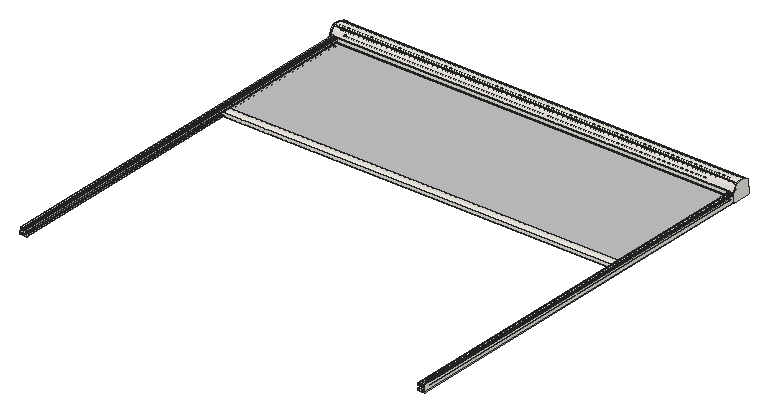
Revit family "Windows_Blinds_Nimex_Zip_130", category Specialty Equipment, host Face, Revit 2018 (continued)
Definition of nested family "Zip_130"
  Definition of nested family "Zip_130_Top"
    Forms (mm)
      Extrusion 5, solid, material <- "Metal", detail levels medium+fine
        sketch origin (0, 0, 0) x (0, 1, 0) y (0, 0, 1)
          loop
            arc (18.491, 89.864) -> (5.931, 100.226) -> (-9.718, 104.724) r 40
          loop
            arc (23.467, 79.4) -> (19.263, 83.74) -> (17.487, 89.516) r 12.941
            arc (17.487, 89.516) -> (5.506, 99.319) -> (-9.361, 103.636) r 38.66
            arc (-9.361, 103.636) -> (-13.091, 92.844) -> (-17.032, 103.561) r 6.062
            arc (-17.032, 103.561) -> (-31.81, 98.839) -> (-43.555, 88.703) r 38.787
            arc (-43.555, 88.703) -> (-45.185, 82.97) -> (-49.211, 78.575) r 12.941
            arc (-49.211, 78.575) -> (-51.708, 64.366) -> (-48.869, 50.221) r 39
            arc (-48.869, 50.221) -> (-44.738, 45.924) -> (-42.971, 40.232) r 12.941
            arc (-42.971, 40.232) -> (-12.29, 25.838) -> (18.073, 40.891) r 39
            arc (18.073, 40.891) -> (19.709, 46.707) -> (23.808, 51.147) r 12.941
            arc (23.808, 51.147) -> (26.286, 65.306) -> (23.467, 79.4) r 39
        from -245 to 245
    Lines and regions (mm)
      symbolic lines, detail levels medium+fine
        curve 1: arc (0, -18.035, 1.226) -> (0, -43.843, 11.522) -> (0, -67.31, 26.401) r 150
        curve 2: arc (0, -67.31, 26.401) -> (0, -68.36, 27.507) -> (0, -69.028, 28.877) r 5
        curve 3: arc (0, -69.028, 28.877) -> (0, -72.728, 77.897) -> (0, -54.703, 123.633) r 109.995
        curve 4: line (0, -54.703, 123.633) -> (0, -54.513, 125.801)
        curve 5: arc (0, -54.513, 125.801) -> (0, -54.618, 126.344) -> (0, -54.996, 126.748) r 1
        curve 6: arc (0, -54.996, 126.748) -> (0, -55.784, 128.716) -> (0, -54.097, 130) r 1.75
        curve 7: line (0, -54.097, 130) -> (0, 45.646, 130)
        curve 8: arc (0, 45.646, 130) -> (0, 46.707, 129.561) -> (0, 47.146, 128.5) r 1.5
        curve 9: line (0, 47.146, 128.5) -> (0, 47.146, 0)
        curve 10: arc (0, -9.471, 0) -> (0, -13.798, 0.302) -> (0, -18.035, 1.226) r 30
        curve 11: line (0, -2.699, 0) -> (0, -9.471, 0)
      symbolic lines, detail levels fine
        curve 12: arc (0, 35.996, 53.541) -> (0, -60.259, 80.302) -> (0, 33.32, 45.314) r 50
        curve 13: circle (0, -12.711, 64.836) r 41 normal (-1, 0, 0)
        curve 14: arc (0, 18.491, 89.864) -> (0, 20.11, 84.271) -> (0, 24.236, 80.162) r 11.638
        curve 15: arc (0, 24.236, 80.162) -> (0, 27.286, 65.318) -> (0, 24.595, 50.404) r 40
        curve 16: arc (0, 24.595, 50.404) -> (0, 20.569, 46.197) -> (0, 19.085, 40.567) r 11.638
        curve 17: arc (0, 19.085, 40.567) -> (0, -12.277, 24.838) -> (0, -43.973, 39.882) r 40
        curve 18: arc (0, -43.973, 39.882) -> (0, -45.586, 45.394) -> (0, -49.64, 49.464) r 11.638
        curve 19: arc (0, -49.64, 49.464) -> (0, -52.708, 64.354) -> (0, -49.999, 79.313) r 40
        curve 20: arc (0, -49.999, 79.313) -> (0, -46.045, 83.479) -> (0, -44.565, 89.029) r 11.638
        curve 21: arc (0, -44.565, 89.029) -> (0, -32.272, 99.727) -> (0, -16.732, 104.633) r 40
        curve 22: arc (0, -16.732, 104.633) -> (0, -15.8, 104.057) -> (0, -16.114, 103.008) r 0.9
        curve 23: arc (0, -16.114, 103.008) -> (0, -13.085, 93.844) -> (0, -10.293, 103.083) r 5.062
        curve 24: arc (0, -10.293, 103.083) -> (0, -10.634, 104.124) -> (0, -9.718, 104.724) r 0.9
        curve 25: arc (0, -9.718, 104.724) -> (0, 5.931, 100.226) -> (0, 18.491, 89.864) r 40
        curve 26: arc (0, 23.467, 79.4) -> (0, 19.263, 83.74) -> (0, 17.487, 89.516) r 12.941
        curve 27: arc (0, 17.487, 89.516) -> (0, 5.506, 99.319) -> (0, -9.361, 103.636) r 38.66
        curve 28: arc (0, -9.361, 103.636) -> (0, -13.091, 92.844) -> (0, -17.032, 103.561) r 6.062
        curve 29: arc (0, -17.032, 103.561) -> (0, -31.81, 98.839) -> (0, -43.555, 88.703) r 38.787
        curve 30: arc (0, -43.555, 88.703) -> (0, -45.185, 82.97) -> (0, -49.211, 78.575) r 12.941
        curve 31: arc (0, -49.211, 78.575) -> (0, -51.708, 64.366) -> (0, -48.869, 50.221) r 39
        curve 32: arc (0, -48.869, 50.221) -> (0, -44.738, 45.924) -> (0, -42.971, 40.232) r 12.941
        curve 33: arc (0, -42.971, 40.232) -> (0, -12.29, 25.838) -> (0, 18.073, 40.891) r 39
        curve 34: arc (0, 18.073, 40.891) -> (0, 19.709, 46.707) -> (0, 23.808, 51.147) r 12.941
        curve 35: arc (0, 23.808, 51.147) -> (0, 26.286, 65.306) -> (0, 23.467, 79.4) r 39
        curve 36: line (0, 20.267, -2.5) -> (0, 11.191, -2.5)
        curve 37: arc (0, 11.191, -2.5) -> (0, 10.081, -2.837) -> (0, 9.344, -3.733) r 1.999
        curve 38: arc (0, 9.344, -3.733) -> (0, 3.117, -35) -> (0, 9.344, -66.266) r 81.6
        curve 39: arc (0, 9.344, -66.266) -> (0, 10.081, -67.163) -> (0, 11.192, -67.5) r 2
        curve 40: line (0, 11.192, -67.5) -> (0, 35.042, -67.5)
        curve 41: arc (0, 35.042, -67.5) -> (0, 36.152, -67.163) -> (0, 36.889, -66.266) r 2
        curve 42: arc (0, 36.889, -66.266) -> (0, 43.117, -35) -> (0, 36.889, -3.734) r 81.6
        curve 43: arc (0, 36.889, -3.734) -> (0, 36.152, -2.837) -> (0, 35.041, -2.5) r 2.001
        curve 44: line (0, 35.041, -2.5) -> (0, 25.966, -2.5)
        curve 45: line (0, 27.267, -4.1) -> (0, 30.334, -4.1)
        curve 46: arc (0, 30.334, -4.1) -> (0, 30.788, -4.392) -> (0, 30.712, -4.926) r 0.5
        curve 47: arc (0, 30.712, -4.926) -> (0, 30.396, -5.363) -> (0, 30.159, -5.846) r 3.175
        curve 48: arc (0, 30.159, -5.846) -> (0, 30.457, -6.893) -> (0, 31.546, -6.887) r 0.9
        curve 49: arc (0, 31.546, -6.887) -> (0, 34.452, -6.165) -> (0, 32.529, -8.461) r 1.575
        curve 50: arc (0, 32.529, -8.461) -> (0, 32.046, -9.437) -> (0, 32.857, -10.164) r 0.9
        curve 51: arc (0, 32.857, -10.164) -> (0, 34.732, -9.733) -> (0, 36.014, -8.297) r 3.175
        curve 52: arc (0, 36.014, -8.297) -> (0, 36.491, -8.002) -> (0, 36.942, -8.335) r 0.5
        curve 53: arc (0, 36.942, -8.335) -> (0, 37.949, -11.376) -> (0, 38.833, -14.455) r 80
        curve 54: arc (0, 38.833, -14.455) -> (0, 38.832, -15.488) -> (0, 38.315, -16.382) r 2
        curve 55: line (0, 38.315, -16.382) -> (0, 23.824, -30.873)
        curve 56: arc (0, 23.824, -30.873) -> (0, 23.116, -31.166) -> (0, 22.409, -30.873) r 1
        curve 57: line (0, 22.409, -30.873) -> (0, 7.918, -16.382)
        curve 58: arc (0, 7.918, -16.382) -> (0, 7.401, -15.488) -> (0, 7.4, -14.455) r 2
        curve 59: arc (0, 7.4, -14.455) -> (0, 8.284, -11.376) -> (0, 9.291, -8.335) r 80
        curve 60: arc (0, 9.291, -8.335) -> (0, 9.742, -8.002) -> (0, 10.219, -8.297) r 0.5
        curve 61: arc (0, 10.219, -8.297) -> (0, 11.501, -9.733) -> (0, 13.376, -10.164) r 3.175
        curve 62: arc (0, 13.376, -10.164) -> (0, 14.187, -9.437) -> (0, 13.704, -8.461) r 0.9
        curve 63: arc (0, 13.704, -8.461) -> (0, 11.781, -6.165) -> (0, 14.687, -6.887) r 1.575
        curve 64: arc (0, 14.687, -6.887) -> (0, 15.776, -6.893) -> (0, 16.075, -5.846) r 0.9
        curve 65: arc (0, 16.075, -5.846) -> (0, 15.837, -5.363) -> (0, 15.521, -4.926) r 3.175
        curve 66: arc (0, 15.521, -4.926) -> (0, 15.445, -4.392) -> (0, 15.9, -4.1) r 0.5
        curve 67: line (0, 15.9, -4.1) -> (0, 18.967, -4.1)
        curve 68: arc (0, 18.967, -4.1) -> (0, 19.32, -4.246) -> (0, 19.467, -4.6) r 0.5
        curve 69: line (0, 19.467, -4.6) -> (0, 19.467, -6.992)
        curve 70: arc (0, 19.467, -6.992) -> (0, 23.116, -17.3) -> (0, 26.767, -6.992) r 5.8
        curve 71: line (0, 26.767, -6.992) -> (0, 26.767, -4.6)
        curve 72: arc (0, 26.767, -4.6) -> (0, 26.913, -4.246) -> (0, 27.267, -4.1) r 0.5
        curve 73: arc (0, 25.857, -7.931) -> (0, 23.116, -16) -> (0, 20.376, -7.931) r 4.5
        curve 74: arc (0, 25.466, -7.138) -> (0, 25.569, -7.58) -> (0, 25.857, -7.931) r 1
        curve 75: line (0, 25.466, -3) -> (0, 25.466, -7.138)
        curve 76: arc (0, 25.966, -2.5) -> (0, 25.613, -2.646) -> (0, 25.466, -3) r 0.5
        curve 77: line (0, 20.767, -7.138) -> (0, 20.767, -3)
        curve 78: arc (0, 20.767, -3) -> (0, 20.62, -2.647) -> (0, 20.267, -2.5) r 0.5
        curve 79: arc (0, 39.871, -18.857) -> (0, 41.487, -32.817) -> (0, 40.635, -46.844) r 80
        curve 80: arc (0, 40.635, -46.844) -> (0, 39.959, -47.646) -> (0, 38.939, -47.403) r 1
        curve 81: line (0, 38.939, -47.403) -> (0, 24.743, -33.207)
        curve 82: arc (0, 24.743, -33.207) -> (0, 24.45, -32.5) -> (0, 24.743, -31.793) r 1
        curve 83: line (0, 24.743, -31.793) -> (0, 38.183, -18.352)
        curve 84: arc (0, 38.183, -18.352) -> (0, 39.178, -18.1) -> (0, 39.871, -18.857) r 1
        curve 85: line (0, 8.05, -18.352) -> (0, 21.49, -31.793)
        curve 86: arc (0, 21.49, -31.793) -> (0, 21.783, -32.5) -> (0, 21.49, -33.207) r 1
        curve 87: line (0, 21.49, -33.207) -> (0, 7.294, -47.403)
        curve 88: arc (0, 7.294, -47.403) -> (0, 6.274, -47.646) -> (0, 5.598, -46.844) r 1
        curve 89: arc (0, 5.598, -46.844) -> (0, 4.746, -32.817) -> (0, 6.362, -18.857) r 80
        curve 90: arc (0, 6.362, -18.857) -> (0, 7.055, -18.1) -> (0, 8.05, -18.352) r 1
        curve 91: line (0, 23.824, -34.126) -> (0, 39.274, -49.577)
        curve 92: arc (0, 39.274, -49.577) -> (0, 39.777, -50.42) -> (0, 39.817, -51.401) r 2
        curve 93: arc (0, 39.817, -51.401) -> (0, 38.551, -56.581) -> (0, 36.942, -61.664) r 80
        curve 94: arc (0, 36.942, -61.664) -> (0, 36.491, -61.997) -> (0, 36.014, -61.702) r 0.5
        curve 95: arc (0, 36.014, -61.702) -> (0, 34.732, -60.267) -> (0, 32.857, -59.835) r 3.175
        curve 96: arc (0, 32.857, -59.835) -> (0, 32.046, -60.563) -> (0, 32.529, -61.538) r 0.9
        curve 97: arc (0, 32.529, -61.538) -> (0, 34.452, -63.834) -> (0, 31.546, -63.113) r 1.575
        curve 98: arc (0, 31.546, -63.113) -> (0, 30.457, -63.106) -> (0, 30.159, -64.153) r 0.9
        curve 99: arc (0, 30.159, -64.153) -> (0, 30.396, -64.637) -> (0, 30.712, -65.073) r 3.175
        curve 100: arc (0, 30.712, -65.073) -> (0, 30.788, -65.608) -> (0, 30.334, -65.9) r 0.5
        curve 101: line (0, 30.334, -65.9) -> (0, 15.9, -65.9)
        curve 102: arc (0, 15.9, -65.9) -> (0, 15.445, -65.608) -> (0, 15.521, -65.073) r 0.5
        curve 103: arc (0, 15.521, -65.073) -> (0, 15.837, -64.637) -> (0, 16.075, -64.153) r 3.175
        curve 104: arc (0, 16.075, -64.153) -> (0, 15.776, -63.106) -> (0, 14.687, -63.113) r 0.9
        curve 105: arc (0, 13.704, -61.538) -> (0, 14.187, -60.563) -> (0, 13.376, -59.835) r 0.9
        curve 106: arc (0, 13.376, -59.835) -> (0, 11.501, -60.267) -> (0, 10.219, -61.702) r 3.175
        curve 107: arc (0, 10.219, -61.702) -> (0, 9.742, -61.997) -> (0, 9.291, -61.664) r 0.5
        curve 108: arc (0, 9.291, -61.664) -> (0, 7.682, -56.581) -> (0, 6.416, -51.401) r 80
        curve 109: arc (0, 6.416, -51.401) -> (0, 6.456, -50.42) -> (0, 6.959, -49.577) r 2
        curve 110: line (0, 6.959, -49.577) -> (0, 22.409, -34.126)
        curve 111: arc (0, 22.409, -34.126) -> (0, 23.116, -33.833) -> (0, 23.824, -34.126) r 1
        curve 112: circle (0, 23.116, -53.163) r 11 normal (1, 0, 0)
        curve 113: circle (0, 23.112, -11.1) r 3 normal (-1, 0, 0)
        curve 114: line (0, 23.581, -8.137) -> (0, 35.996, 53.541)
        curve 115: line (0, 22.555, -8.169) -> (0, 33.32, 45.314)
        curve 116: circle (0, -12.711, 64.836) r 42 normal (-1, 0, 0)
        curve 117: circle (0, -12.711, 64.836) r 43 normal (-1, 0, 0)
        curve 118: circle (0, -12.711, 64.836) r 44 normal (-1, 0, 0)
        curve 119: circle (0, -12.711, 64.836) r 45 normal (-1, 0, 0)
        curve 120: circle (0, -12.711, 64.836) r 46 normal (-1, 0, 0)
        curve 121: circle (0, -12.711, 64.836) r 47 normal (-1, 0, 0)
        curve 122: circle (0, -12.711, 64.836) r 48 normal (-1, 0, 0)
        curve 123: circle (0, -12.711, 64.836) r 49 normal (-1, 0, 0)
        curve 124: arc (0, 43.646, 120.08) -> (0, 43.941, 121.376) -> (0, 44.766, 122.417) r 3
        curve 125: arc (0, 44.766, 122.417) -> (0, 45.783, 123.702) -> (0, 46.146, 125.3) r 3.7
        curve 126: line (0, 46.146, 125.3) -> (0, 46.146, 126.5)
        curve 127: arc (0, 46.146, 126.5) -> (0, 46.252, 126.947) -> (0, 46.546, 127.3) r 1
        curve 128: arc (0, 46.546, 127.3) -> (0, 46.676, 129.591) -> (0, 44.396, 129.329) r 1.5
        curve 129: arc (0, 44.396, 129.329) -> (0, 43.989, 128.977) -> (0, 43.458, 128.887) r 1
        curve 130: line (0, 43.458, 128.887) -> (0, 42.39, 129)
        curve 131: arc (0, 42.39, 129) -> (0, 41.681, 129.32) -> (0, 41.303, 130) r 1.237
        curve 132: line (0, 41.303, 130) -> (0, 40.146, 130)
        curve 133: arc (0, 40.146, 130) -> (0, 39.793, 129.854) -> (0, 39.646, 129.5) r 0.5
        curve 134: line (0, 39.646, 129.5) -> (0, 39.646, 128)
        curve 135: arc (0, 39.646, 128) -> (0, 39.207, 126.939) -> (0, 38.146, 126.5) r 1.5
        curve 136: line (0, 38.146, 126.5) -> (0, 23.646, 126.5)
        curve 137: line (0, 23.646, 126.5) -> (0, 20.146, 130)
        curve 138: line (0, -23.354, 130) -> (0, 20.146, 130)
        curve 139: line (0, -23.354, 130) -> (0, -26.854, 126.5)
        curve 140: line (0, -26.854, 126.5) -> (0, -41.354, 126.5)
        curve 141: line (0, -41.354, 126.5) -> (0, -43.972, 129.119)
        curve 142: arc (0, -43.972, 129.119) -> (0, -44.947, 129.771) -> (0, -46.096, 130) r 3
        curve 143: line (0, -46.096, 130) -> (0, -54.104, 130)
        curve 144: arc (0, -54.104, 130) -> (0, -55.791, 128.715) -> (0, -55.001, 126.747) r 1.75
        curve 145: arc (0, -55.001, 126.747) -> (0, -54.623, 126.343) -> (0, -54.517, 125.8) r 1
        curve 146: line (0, -54.517, 125.8) -> (0, -54.647, 124.352)
        curve 147: arc (0, -54.647, 124.352) -> (0, -51.901, 122.865) -> (0, -52.706, 125.882) r 1.7
        curve 148: line (0, -52.706, 125.882) -> (0, -52.543, 127.751)
        curve 149: arc (0, -52.543, 127.751) -> (0, -49.395, 125.088) -> (0, -49.924, 121) r 4.31
        curve 150: line (0, -49.924, 121) -> (0, -46.154, 121)
        curve 151: line (0, -46.154, 121) -> (0, -46.154, 123.4)
        curve 152: arc (0, -46.154, 123.4) -> (0, -47.104, 126.945) -> (0, -44.508, 124.35) r 1.9
        curve 153: line (0, -44.508, 124.35) -> (0, -43.134, 123.557)
        curve 154: line (0, -43.134, 123.557) -> (0, -42.474, 124.7)
        curve 155: line (0, -42.474, 124.7) -> (0, -27.351, 124.7)
        curve 156: arc (0, -27.351, 124.7) -> (0, -26.204, 124.928) -> (0, -25.231, 125.577) r 3
        curve 157: line (0, -25.231, 125.577) -> (0, -22.608, 128.2)
        curve 158: line (0, -22.608, 128.2) -> (0, 19.401, 128.2)
        curve 159: line (0, 19.401, 128.2) -> (0, 22.022, 125.579)
        curve 160: arc (0, 22.022, 125.579) -> (0, 22.995, 124.928) -> (0, 24.143, 124.7) r 3
        curve 161: line (0, 24.143, 124.7) -> (0, 38.649, 124.7)
        curve 162: line (0, 38.649, 124.7) -> (0, 39.428, 124.491)
        curve 163: line (0, 39.428, 124.491) -> (0, 40.611, 124.808)
        curve 164: arc (0, 40.611, 124.808) -> (0, 43.79, 126.644) -> (0, 41.955, 123.465) r 1.9
        curve 165: line (0, 41.955, 123.465) -> (0, 41.638, 122.282)
        curve 166: line (0, 41.638, 122.282) -> (0, 41.846, 121.503)
        curve 167: line (0, 41.846, 121.503) -> (0, 41.846, 106.497)
        curve 168: line (0, 43.646, 106) -> (0, 43.646, 120.08)
        curve 169: line (0, 42.725, 104.376) -> (0, 45.346, 101.754)
        curve 170: line (0, 47.146, 102.5) -> (0, 43.646, 106)
        curve 171: arc (0, 41.846, 106.497) -> (0, 42.075, 105.349) -> (0, 42.725, 104.376) r 3
        curve 172: line (0, 47.146, 38.505) -> (0, 47.146, 102.5)
        curve 173: line (0, 45.346, 101.754) -> (0, 45.346, 39.251)
        curve 174: line (0, 43.646, 35.005) -> (0, 47.146, 38.505)
        curve 175: line (0, 45.346, 39.251) -> (0, 42.725, 36.629)
        curve 176: line (0, 41.846, 34.508) -> (0, 41.846, 18.555)
        curve 177: line (0, 43.646, 19.005) -> (0, 43.646, 35.005)
        curve 178: arc (0, 42.725, 36.629) -> (0, 42.075, 35.656) -> (0, 41.846, 34.508) r 3
        curve 179: line (0, 46.267, 16.385) -> (0, 43.646, 19.005)
        curve 180: arc (0, 47.146, 14.263) -> (0, 46.918, 15.411) -> (0, 46.267, 16.385) r 3
        curve 181: line (0, 47.146, 1.5) -> (0, 47.146, 14.263)
        curve 182: arc (0, 44.866, 2.781) -> (0, 44.911, 0.192) -> (0, 47.146, 1.5) r 1.5
        curve 183: line (0, 45.346, 11.676) -> (0, 45.346, 3.635)
        curve 184: arc (0, 45.346, 3.635) -> (0, 45.218, 3.146) -> (0, 44.866, 2.781) r 1
        curve 185: arc (0, 44.569, 12.092) -> (0, 45.082, 12.117) -> (0, 45.346, 11.676) r 0.5
        curve 186: arc (0, 40.156, 12.223) -> (0, 42.34, 11.403) -> (0, 44.569, 12.092) r 3.605
        curve 187: arc (0, 41.846, 18.555) -> (0, 41.012, 18.307) -> (0, 40.261, 17.865) r 3.599
        curve 188: arc (0, 40.261, 17.865) -> (0, 39.922, 16.748) -> (0, 40.874, 16.071) r 1
        curve 189: arc (0, 40.874, 13.941) -> (0, 39.94, 13.323) -> (0, 40.156, 12.223) r 1.007
        curve 190: arc (0, 40.874, 16.071) -> (0, 44.346, 15.006) -> (0, 40.874, 13.941) r 1.899
        curve 191: line (0, -9.554, 1.8) -> (0, 17.161, 1.8)
        curve 192: arc (0, 17.161, 1.8) -> (0, 17.814, 1.539) -> (0, 18.109, 0.9) r 0.95
        curve 193: arc (0, 18.109, 0.9) -> (0, 17.814, 0.261) -> (0, 17.16, 0) r 0.95
        curve 194: line (0, 17.16, 0) -> (0, -9.554, 0)
        curve 195: arc (0, -9.554, 0) -> (0, -13.842, 0.308) -> (0, -18.042, 1.226) r 30
        curve 196: arc (0, -18.042, 1.226) -> (0, -43.85, 11.522) -> (0, -67.316, 26.401) r 150
        curve 197: arc (0, -67.316, 26.401) -> (0, -68.367, 27.507) -> (0, -69.035, 28.877) r 5
        curve 198: arc (0, -69.035, 28.877) -> (0, -72.905, 76.726) -> (0, -56.026, 121.667) r 109.995
        curve 199: arc (0, -56.026, 121.667) -> (0, -55.426, 122.195) -> (0, -54.64, 122.34) r 1.5
        curve 200: line (0, -54.64, 122.34) -> (0, -53.13, 122.208)
        curve 201: arc (0, -53.13, 122.208) -> (0, -51.054, 123.576) -> (0, -51.914, 125.908) r 2
        curve 202: arc (0, -51.914, 125.908) -> (0, -52.112, 126.735) -> (0, -51.284, 126.928) r 0.599
        curve 203: arc (0, -51.284, 126.928) -> (0, -49.876, 121.643) -> (0, -55.05, 119.869) r 4.01
        curve 204: arc (0, -55.05, 119.869) -> (0, -71.191, 75.998) -> (0, -67.32, 29.413) r 108.197
        curve 205: arc (0, -67.32, 29.413) -> (0, -66.892, 28.536) -> (0, -66.22, 27.829) r 3.2
        curve 206: arc (0, -66.22, 27.829) -> (0, -43.033, 13.126) -> (0, -17.533, 2.952) r 148.2
        curve 207: arc (0, -17.533, 2.952) -> (0, -13.585, 2.089) -> (0, -9.554, 1.8) r 28.2
        curve 208: arc (0, 14.687, -63.113) -> (0, 11.733, -63.864) -> (0, 13.704, -61.538) r 1.6
        curve 209: arc (0, 20.767, -7.138) -> (0, 20.664, -7.58) -> (0, 20.376, -7.931) r 1
    Dimensions and locks
      equal spacing: plane 4, plane 3 "Center (Left/Right)", plane 5
      "TotalWidth": plane 4 to plane 5
      locked: plane 7 to plane 5 at 5
      locked: plane 4 to plane 8 at 5
      locked: plane 11 to plane 5 at 40
      locked: plane 12 to plane 4 at 40
      aligned and locked: level to plane 2
      aligned and locked: plane 8 to Extrusion 1
      aligned and locked: Extrusion 3 to plane 8
      aligned and locked: plane 4 to Extrusion 3
      aligned and locked: plane 7 to Extrusion 2
      aligned and locked: Extrusion 2 to plane 5
      aligned and locked: Extrusion 1 to plane 7
      aligned and locked: Extrusion 4 to plane 11
      aligned and locked: Extrusion 4 to plane 12
      aligned and locked: plane 8 to Extrusion 5
      aligned and locked: Extrusion 5 to plane 7
    Automatic sketch dimensions
      level to Extrusion 2 sketch curve = 0 mm
      Extrusion 2 sketch curve to plane 6 = 1.5 mm
      plane 6 to Extrusion 2 sketch curve = 0 mm
      Extrusion 2 sketch curve to Extrusion 2 sketch curve = 0 mm  (x4)
      Extrusion 2 sketch curve to Extrusion 2 sketch curve = 1.412 mm
      Extrusion 2 sketch curve to Extrusion 2 sketch curve = 1.75 mm
      Extrusion 2 sketch curve to Extrusion 2 sketch curve = 0.996 mm
      Extrusion 2 sketch curve to plane 9 = 6.367 mm
      Extrusion 2 sketch curve to Extrusion 2 sketch curve = 0.19 mm
      Extrusion 2 sketch curve to Extrusion 2 sketch curve = 0.089 mm
      Extrusion 2 sketch curve to plane 9 = 0 mm
      plane 10 to Extrusion 2 sketch curve = 17.102 mm
      Extrusion 2 sketch curve to plane 6 = 0 mm
      Extrusion 2 sketch curve to Extrusion 2 sketch curve = 1.468 mm
      Extrusion 2 sketch curve to Extrusion 2 sketch curve = 0.032 mm
      Extrusion 2 sketch curve to Extrusion 2 sketch curve = 0.026 mm
      Extrusion 1 sketch curve to Extrusion 1 sketch curve = 0 mm  (x31)
      Extrusion 1 sketch curve to plane 9 = 0 mm  (x3)
      Extrusion 1 sketch curve to plane 6 = 0 mm
      Extrusion 1 sketch curve to plane 6 = 0.293 mm  (x2)
      Extrusion 1 sketch curve to plane 6 = 0.5 mm
      Extrusion 1 sketch curve to plane 6 = 0.879 mm
      Extrusion 1 sketch curve to Extrusion 1 sketch curve = 1 mm  (x4)
      Extrusion 1 sketch curve to plane 6 = 1 mm
      Extrusion 1 sketch curve to plane 6 = 1.5 mm  (x2)
      Extrusion 1 sketch curve to Extrusion 1 sketch curve = 0.8 mm
      Extrusion 1 sketch curve to plane 6 = 1.8 mm
      Extrusion 1 sketch curve to Extrusion 1 sketch curve = 0.293 mm  (x2)
      Extrusion 1 sketch curve to plane 6 = 2.3 mm  (x2)
      Extrusion 1 sketch curve to Extrusion 1 sketch curve = 0.5 mm  (x2)
      Extrusion 1 sketch curve to Extrusion 1 sketch curve = 0.2 mm  (x2)
      Extrusion 1 sketch curve to plane 6 = 2.501 mm
      Extrusion 1 sketch curve to Extrusion 1 sketch curve = 0.42 mm
      Extrusion 1 sketch curve to Extrusion 1 sketch curve = 1.8 mm  (x3)
      Extrusion 1 sketch curve to Extrusion 1 sketch curve = 0.707 mm  (x9)
      Extrusion 1 sketch curve to Extrusion 1 sketch curve = 0.28 mm
      Extrusion 1 sketch curve to Extrusion 1 sketch curve = 0.708 mm  (x2)
      Extrusion 1 sketch curve to Extrusion 1 sketch curve = 0.635 mm  (x2)
      Extrusion 1 sketch curve to Extrusion 1 sketch curve = 0.356 mm
      Extrusion 1 sketch curve to Extrusion 1 sketch curve = 0.427 mm
      Extrusion 1 sketch curve to Extrusion 1 sketch curve = 0.292 mm  (x2)
      Extrusion 1 sketch curve to plane 9 = 0.118 mm
      Extrusion 1 sketch curve to Extrusion 1 sketch curve = 2.083 mm
      Extrusion 1 sketch curve to plane 9 = 1.113 mm
      Extrusion 1 sketch curve to Extrusion 1 sketch curve = 0.105 mm
      Extrusion 1 sketch curve to Extrusion 1 sketch curve = 1.214 mm
      Extrusion 1 sketch curve to Extrusion 1 sketch curve = 1.213 mm
      plane 9 to Extrusion 1 sketch curve = 0.23 mm
      Extrusion 1 sketch curve to Extrusion 1 sketch curve = 1.044 mm
      Extrusion 1 sketch curve to Extrusion 1 sketch curve = 1.272 mm
      Extrusion 1 sketch curve to Extrusion 1 sketch curve = 0.9 mm
      Extrusion 1 sketch curve to plane 9 = 1 mm
      Extrusion 1 sketch curve to Extrusion 1 sketch curve = 1.069 mm
      Extrusion 1 sketch curve to Extrusion 1 sketch curve = 0.492 mm
      Extrusion 1 sketch curve to Extrusion 1 sketch curve = 0.108 mm
      Extrusion 1 sketch curve to Extrusion 1 sketch curve = 0.209 mm
      Extrusion 1 sketch curve to Extrusion 1 sketch curve = 0.978 mm
      Extrusion 1 sketch curve to Extrusion 1 sketch curve = 1.578 mm
      Extrusion 1 sketch curve to Extrusion 1 sketch curve = 1.835 mm
      Extrusion 1 sketch curve to Extrusion 1 sketch curve = 1.157 mm
      Extrusion 1 sketch curve to Extrusion 1 sketch curve = 1.183 mm  (x2)
      Extrusion 1 sketch curve to Extrusion 1 sketch curve = 0.779 mm  (x2)
      Extrusion 1 sketch curve to Extrusion 1 sketch curve = 1.5 mm
      Extrusion 1 sketch curve to plane 6 = 11.122 mm
      Extrusion 1 sketch curve to plane 1 "Center (Front/Back)" = 1.316 mm
      Extrusion 1 sketch curve to plane 1 "Center (Front/Back)" = 1.062 mm
      Extrusion 1 sketch curve to Extrusion 1 sketch curve = 0.083 mm  (x3)
      Extrusion 1 sketch curve to plane 1 "Center (Front/Back)" = 0.273 mm
      plane 1 "Center (Front/Back)" to Extrusion 1 sketch curve = 1.059 mm
      Extrusion 1 sketch curve to plane 9 = 0.293 mm
      plane 1 "Center (Front/Back)" to Extrusion 1 sketch curve = 2.642 mm
      Extrusion 1 sketch curve to Extrusion 1 sketch curve = 0.038 mm  (x2)
      level to Extrusion 1 sketch curve = 1.8 mm
      plane 1 "Center (Front/Back)" to Extrusion 1 sketch curve = 5.921 mm
      Extrusion 1 sketch curve to Extrusion 1 sketch curve = 0.001 mm
      Extrusion 1 sketch curve to level = 0 mm
      Extrusion 1 sketch curve to Extrusion 1 sketch curve = 26.714 mm
      Extrusion 1 sketch curve to plane 9 = 2.8 mm
      Extrusion 1 sketch curve to plane 9 = 2.093 mm
      Extrusion 1 sketch curve to Extrusion 1 sketch curve = 0.746 mm  (x2)
      Extrusion 1 sketch curve to plane 9 = 0.292 mm
      Extrusion 1 sketch curve to Extrusion 1 sketch curve = 0.706 mm  (x2)
      Extrusion 1 sketch curve to plane 9 = 4.423 mm
      Extrusion 1 sketch curve to Extrusion 1 sketch curve = 2.33 mm
      Extrusion 1 sketch curve to plane 9 = 3.207 mm
      Extrusion 1 sketch curve to Extrusion 1 sketch curve = 1.33 mm
      Extrusion 1 sketch curve to plane 9 = 2.5 mm
      Extrusion 1 sketch curve to Extrusion 1 sketch curve = 13.589 mm
      Extrusion 1 sketch curve to plane 9 = 3.209 mm
      Extrusion 1 sketch curve to Extrusion 1 sketch curve = 0.829 mm
      Extrusion 1 sketch curve to plane 9 = 6.443 mm
      Extrusion 1 sketch curve to Extrusion 1 sketch curve = 0.66 mm
      Extrusion 1 sketch curve to plane 9 = 0.881 mm
      Extrusion 1 sketch curve to Extrusion 1 sketch curve = 2.327 mm
      Extrusion 1 sketch curve to plane 9 = 5.65 mm
      Extrusion 1 sketch curve to Extrusion 1 sketch curve = 1.374 mm
      Extrusion 1 sketch curve to plane 9 = 2.864 mm
      Extrusion 1 sketch curve to Extrusion 1 sketch curve = 1.691 mm
      Extrusion 1 sketch curve to Extrusion 1 sketch curve = 2.124 mm
      Extrusion 1 sketch curve to Extrusion 1 sketch curve = 0.057 mm
      Extrusion 1 sketch curve to Extrusion 1 sketch curve = 1.645 mm
      Extrusion 1 sketch curve to plane 9 = 2.631 mm
      Extrusion 1 sketch curve to Extrusion 1 sketch curve = 0.436 mm
      Extrusion 1 sketch curve to Extrusion 1 sketch curve = 0.694 mm
      Extrusion 1 sketch curve to plane 9 = 3.339 mm
      Extrusion 1 sketch curve to Extrusion 1 sketch curve = 0.966 mm
      Extrusion 1 sketch curve to plane 9 = 4.205 mm
      Extrusion 1 sketch curve to Extrusion 1 sketch curve = 0.232 mm
      Extrusion 1 sketch curve to Extrusion 1 sketch curve = 3.771 mm
      Extrusion 1 sketch curve to Extrusion 1 sketch curve = 3.614 mm
      Extrusion 1 sketch curve to plane 9 = 2.249 mm
      Extrusion 1 sketch curve to Extrusion 1 sketch curve = 0.94 mm
      Extrusion 1 sketch curve to plane 9 = 4.118 mm
      Extrusion 1 sketch curve to Extrusion 1 sketch curve = 1.104 mm
      Extrusion 1 sketch curve to Extrusion 1 sketch curve = 0.248 mm
      Extrusion 1 sketch curve to plane 9 = 7.792 mm
      Extrusion 1 sketch curve to Extrusion 1 sketch curve = 0.176 mm
      Extrusion 1 sketch curve to Extrusion 1 sketch curve = 0.46 mm
      Extrusion 1 sketch curve to Extrusion 1 sketch curve = 1.561 mm
      Extrusion 1 sketch curve to plane 9 = 4.2 mm
      Extrusion 1 sketch curve to Extrusion 1 sketch curve = 1.811 mm
      Extrusion 1 sketch curve to plane 9 = 7.66 mm
      Extrusion 1 sketch curve to Extrusion 1 sketch curve = 1.511 mm
      Extrusion 1 sketch curve to plane 9 = 5.648 mm
      Extrusion 1 sketch curve to Extrusion 1 sketch curve = 0.13 mm
      Extrusion 1 sketch curve to Extrusion 1 sketch curve = 0.131 mm
      Extrusion 1 sketch curve to Extrusion 1 sketch curve = 0.996 mm
      plane 10 to Extrusion 1 sketch curve = 8.359 mm
      Extrusion 1 sketch curve to Extrusion 1 sketch curve = 0.004 mm
      plane 6 to Extrusion 1 sketch curve = 0 mm  (x2)
      level to Extrusion 1 sketch curve = 0.85 mm
      Extrusion 1 sketch curve to Extrusion 1 sketch curve = 0.1 mm
      level to Extrusion 1 sketch curve = 1.5 mm
      Extrusion 1 sketch curve to Extrusion 1 sketch curve = 2.135 mm
      Extrusion 1 sketch curve to Extrusion 1 sketch curve = 8.04 mm
      Extrusion 1 sketch curve to Extrusion 1 sketch curve = 1.258 mm
      Extrusion 1 sketch curve to Extrusion 1 sketch curve = 1.987 mm
      Extrusion 1 sketch curve to Extrusion 1 sketch curve = 0.6 mm
      Extrusion 1 sketch curve to Extrusion 1 sketch curve = 0.036 mm
      Extrusion 1 sketch curve to Extrusion 1 sketch curve = 0.743 mm  (x2)
      Extrusion 1 sketch curve to Extrusion 1 sketch curve = 2.065 mm
      Extrusion 1 sketch curve to Extrusion 1 sketch curve = 1.484 mm
      Extrusion 1 sketch curve to Extrusion 1 sketch curve = 0.16 mm
      Extrusion 1 sketch curve to Extrusion 1 sketch curve = 0.003 mm
      Extrusion 1 sketch curve to Extrusion 1 sketch curve = 15.089 mm
      Extrusion 1 sketch curve to Extrusion 1 sketch curve = 2.915 mm
      Extrusion 1 sketch curve to Extrusion 1 sketch curve = 21.79 mm
      Extrusion 1 sketch curve to Extrusion 1 sketch curve = 2.328 mm
      Extrusion 1 sketch curve to Extrusion 1 sketch curve = 0.79 mm
      Extrusion 1 sketch curve to Extrusion 1 sketch curve = 8.807 mm
      Extrusion 1 sketch curve to Extrusion 1 sketch curve = 1.494 mm
      Extrusion 1 sketch curve to Extrusion 1 sketch curve = 2.4 mm
      Extrusion 1 sketch curve to Extrusion 1 sketch curve = 1.423 mm
      Extrusion 1 sketch curve to Extrusion 1 sketch curve = 1.027 mm
      Extrusion 1 sketch curve to plane 9 = 5.3 mm
      Extrusion 1 sketch curve to Extrusion 1 sketch curve = 0.317 mm
      Extrusion 1 sketch curve to Extrusion 1 sketch curve = 0.879 mm
      Extrusion 1 sketch curve to Extrusion 1 sketch curve = 0.089 mm
      Extrusion 1 sketch curve to Extrusion 1 sketch curve = 0.538 mm
      Extrusion 1 sketch curve to Extrusion 1 sketch curve = 1.2 mm
      Extrusion 1 sketch curve to Extrusion 1 sketch curve = 0.499 mm
      Extrusion 1 sketch curve to plane 9 = 1.5 mm
      plane 9 to Extrusion 1 sketch curve = 15.097 mm
      Extrusion 1 sketch curve to Extrusion 1 sketch curve = 0.277 mm
      Extrusion 1 sketch curve to Extrusion 1 sketch curve = 0.006 mm
      Extrusion 1 sketch curve to Extrusion 1 sketch curve = 0.607 mm
      Extrusion 1 sketch curve to Extrusion 1 sketch curve = 0.318 mm
      Extrusion 1 sketch curve to Extrusion 1 sketch curve = 0.279 mm
      Extrusion 1 sketch curve to Extrusion 1 sketch curve = 1.097 mm
      Extrusion 1 sketch curve to Extrusion 1 sketch curve = 1.715 mm
      Extrusion 3 sketch curve to plane 9 = 0 mm
      Extrusion 3 sketch curve to plane 6 = 0 mm  (x2)
      level to Extrusion 3 sketch curve = 0 mm
      Extrusion 3 sketch curve to plane 6 = 1.474 mm
      Extrusion 3 sketch curve to plane 6 = 1.5 mm
      Extrusion 3 sketch curve to Extrusion 3 sketch curve = 1.5 mm
      Extrusion 3 sketch curve to plane 6 = 10.807 mm
      Extrusion 3 sketch curve to plane 1 "Center (Front/Back)" = 1.326 mm
      plane 1 "Center (Front/Back)" to Extrusion 3 sketch curve = 32.626 mm
      Extrusion 3 sketch curve to plane 9 = 1.75 mm
      plane 10 to Extrusion 3 sketch curve = 18.515 mm
      Extrusion 3 sketch curve to plane 9 = 4.199 mm
      Extrusion 3 sketch curve to Extrusion 3 sketch curve = 0.416 mm
      Extrusion 3 sketch curve to plane 9 = 6.256 mm
      Extrusion 3 sketch curve to Extrusion 3 sketch curve = 0.18 mm
      Extrusion 3 sketch curve to Extrusion 3 sketch curve = 0.996 mm
      plane 10 to Extrusion 3 sketch curve = 8.359 mm
      level to Extrusion 3 sketch curve = 1.468 mm
      Extrusion 3 sketch curve to Extrusion 3 sketch curve = 30 mm
      level to Extrusion 3 sketch curve = 30.366 mm
      Extrusion 3 sketch curve to Extrusion 3 sketch curve = 0.089 mm
      Extrusion 3 sketch curve to Extrusion 3 sketch curve = 0 mm  (x3)
      plane 9 to Extrusion 3 sketch curve = 15.097 mm
      Extrusion 2 sketch curve to plane 6 = 11.122 mm
      plane 10 to Extrusion 2 sketch curve = 3.584 mm
      level to Extrusion 2 sketch curve = 28.877 mm
      plane 1 "Center (Front/Back)" to Extrusion 2 sketch curve = 32.497 mm
      Extrusion 2 sketch curve to Extrusion 2 sketch curve = 4.776 mm
      Extrusion 2 sketch curve to Extrusion 2 sketch curve = 1.719 mm
      Extrusion 2 sketch curve to plane 1 "Center (Front/Back)" = 1.316 mm
      level to Extrusion 2 sketch curve = 1.226 mm
      Extrusion 2 sketch curve to Extrusion 2 sketch curve = 0.138 mm
      Extrusion 1 sketch curve to Extrusion 1 sketch curve = 18.74 mm
      Extrusion 3 sketch curve to Extrusion 3 sketch curve = 31.473 mm
      curve 2 to curve 5 = 95.932 mm
      curve 5 to curve 4 = 2.397 mm
      curve 5 to curve 4 = 1 mm
      curve 5 to curve 7 = 4.219 mm
      curve 2 to curve 10 = 54.706 mm
      curve 10 to curve 11 = 30 mm
      curve 6 to curve 1 = 79.939 mm
      curve 10 to curve 3 = 55.379 mm  (x2)
      curve 1 to curve 8 = 26.957 mm
      curve 8 to curve 9 = 1.5 mm
      curve 11 to curve 10 = 30 mm
      curve 10 to curve 2 = 54.706 mm
      curve 2 to curve 4 = 93.762 mm
      curve 4 to curve 4 = 2.177 mm
      curve 4 to curve 5 = 1 mm
      curve 5 to curve 6 = 2.484 mm
      curve 3 to curve 8 = 67.731 mm
      curve 7 to curve 1 = 26.061 mm
      curve 3 to curve 1 = 3.014 mm
      curve 2 to curve 1 = 0 mm  (x2)
      curve 10 to curve 11 = 6.772 mm  (x2)
      curve 11 to curve 9 = 49.845 mm
      Extrusion 5 sketch curve to Extrusion 5 sketch curve = 0 mm  (x20)
      plane 10 to Extrusion 5 sketch curve = 16.135 mm
      Extrusion 5 sketch curve to Extrusion 5 sketch curve = 0.281 mm  (x2)
      plane 10 to Extrusion 5 sketch curve = 16.737 mm
      Extrusion 5 sketch curve to Extrusion 5 sketch curve = 0.278 mm  (x2)
      plane 1 "Center (Front/Back)" to Extrusion 5 sketch curve = 39.722 mm
      Extrusion 5 sketch curve to Extrusion 5 sketch curve = 3.491 mm
      Extrusion 5 sketch curve to Extrusion 5 sketch curve = 0.297 mm
      Extrusion 5 sketch curve to Extrusion 5 sketch curve = 0.143 mm
      Extrusion 5 sketch curve to Extrusion 5 sketch curve = 0.221 mm
      Extrusion 5 sketch curve to Extrusion 5 sketch curve = 3.365 mm
      Extrusion 5 sketch curve to plane 1 "Center (Front/Back)" = 7.043 mm
      Extrusion 5 sketch curve to plane 1 "Center (Front/Back)" = 7.642 mm
      level to Extrusion 5 sketch curve = 39.344 mm
      Extrusion 5 sketch curve to Extrusion 5 sketch curve = 0.126 mm  (x2)
      Extrusion 5 sketch curve to Extrusion 5 sketch curve = 0.119 mm  (x2)
      Extrusion 5 sketch curve to Extrusion 5 sketch curve = 24.325 mm
      Extrusion 5 sketch curve to Extrusion 5 sketch curve = 0.164 mm
      Extrusion 5 sketch curve to Extrusion 5 sketch curve = 0.268 mm
      Extrusion 5 sketch curve to plane 9 = 39.8 mm
      Extrusion 5 sketch curve to plane 9 = 31.095 mm
      Extrusion 5 sketch curve to Extrusion 5 sketch curve = 4.832 mm
      Extrusion 5 sketch curve to Extrusion 5 sketch curve = 6.203 mm
      Extrusion 5 sketch curve to Extrusion 5 sketch curve = 5.964 mm
      Extrusion 5 sketch curve to Extrusion 5 sketch curve = 0.788 mm
      Extrusion 5 sketch curve to Extrusion 5 sketch curve = 0.77 mm
      Extrusion 5 sketch curve to Extrusion 5 sketch curve = 5.434 mm
      Extrusion 5 sketch curve to Extrusion 5 sketch curve = 5.667 mm
      Extrusion 5 sketch curve to Extrusion 5 sketch curve = 1.01 mm
      Extrusion 5 sketch curve to Extrusion 5 sketch curve = 1.002 mm
      Extrusion 5 sketch curve to Extrusion 5 sketch curve = 0.39 mm
      Extrusion 5 sketch curve to Extrusion 5 sketch curve = 0.09 mm
      Extrusion 5 sketch curve to Extrusion 5 sketch curve = 0.527 mm
      Extrusion 5 sketch curve to Extrusion 5 sketch curve = 0.508 mm
      Extrusion 5 sketch curve to Extrusion 5 sketch curve = 0.424 mm
      plane 1 "Center (Front/Back)" to Extrusion 5 sketch curve = 5.595 mm
      plane 1 "Center (Front/Back)" to Extrusion 5 sketch curve = 5.009 mm
      Extrusion 5 sketch curve to Extrusion 5 sketch curve = 1.005 mm
      Extrusion 5 sketch curve to Extrusion 5 sketch curve = 1.013 mm
      Extrusion 5 sketch curve to plane 1 "Center (Front/Back)" = 0.386 mm
      Extrusion 5 sketch curve to Extrusion 5 sketch curve = 4.722 mm
      Extrusion 5 sketch curve to Extrusion 5 sketch curve = 0.769 mm
      Extrusion 5 sketch curve to Extrusion 5 sketch curve = 0.787 mm
      Extrusion 4 sketch curve to Extrusion 4 sketch curve = 0 mm  (x2)
      plane 1 "Center (Front/Back)" to Extrusion 4 sketch curve = 35.792 mm
      Extrusion 4 sketch curve to plane 1 "Center (Front/Back)" = 0.493 mm
      Extrusion 4 sketch curve to plane 6 = 11.199 mm
      level to Extrusion 4 sketch curve = 1 mm
      level to Extrusion 4 sketch curve = 53.331 mm
      Extrusion 4 sketch curve to Extrusion 4 sketch curve = 11.505 mm
      plane 1 "Center (Front/Back)" to Extrusion 4 sketch curve = 0.493 mm
      Extrusion 4 sketch curve to plane 1 "Center (Front/Back)" = 9.691 mm
      curve 7 to plane 9 = 0 mm
      curve 8 to plane 6 = 0 mm
      curve 7 to plane 6 = 1.5 mm
      curve 3 to plane 6 = 11.115 mm
      curve 1 to plane 1 "Center (Front/Back)" = 1.323 mm
      curve 113 to plane 1 "Center (Front/Back)" = 0.03 mm
      level to curve 11 = 0 mm
      curve 10 to curve 10 = 0.076 mm
      curve 6 to plane 9 = 1.75 mm
      plane 10 to curve 6 = 18.521 mm
      curve 4 to plane 9 = 4.199 mm
      curve 4 to curve 6 = 0.416 mm
      curve 4 to plane 9 = 6.367 mm
      curve 4 to curve 4 = 0.19 mm
      curve 5 to curve 5 = 0.996 mm
      plane 10 to curve 2 = 8.366 mm
      level to curve 10 = 30 mm
      level to curve 2 = 30.358 mm
      curve 10 to curve 3 = 31.455 mm
      curve 5 to curve 5 = 0.089 mm
      plane 9 to curve 1 = 15.097 mm
      curve 1 to curve 10 = 0 mm
      level to curve 9 = 0 mm
      plane 1 "Center (Front/Back)" to curve 10 = 32.629 mm
      curve 113 to level = 11.1 mm
      curve 12 to curve 13 = 0 mm  (x2)
      curve 12 to curve 31 = 0 mm  (x2)
      curve 12 to curve 33 = 0 mm
      curve 12 to curve 35 = 0 mm
      curve 12 to curve 116 = 0 mm  (x2)
      curve 12 to curve 117 = 0 mm  (x2)
      curve 12 to curve 118 = 0 mm  (x2)
      curve 12 to curve 119 = 0 mm  (x2)
      curve 12 to curve 120 = 0 mm  (x2)
      curve 12 to curve 121 = 0 mm  (x2)
      curve 12 to curve 122 = 0 mm  (x2)
      curve 12 to curve 123 = 0 mm  (x2)
      curve 15 to curve 17 = 0 mm  (x2)
      curve 15 to curve 19 = 0 mm  (x2)
      curve 15 to curve 21 = 0 mm  (x2)
      curve 15 to curve 25 = 0 mm  (x2)
      curve 17 to curve 120 = 0 mm
      curve 19 to curve 33 = 0 mm
      curve 23 to curve 28 = 0 mm  (x2)
      curve 33 to curve 35 = 0 mm
      curve 33 to curve 117 = 0 mm
      curve 49 to curve 51 = 0 mm  (x2)
      curve 53 to curve 93 = 0 mm  (x2)
      curve 59 to curve 108 = 0 mm  (x2)
      curve 61 to curve 63 = 0 mm  (x2)
      curve 79 to curve 93 = 0 mm  (x2)
      curve 89 to curve 108 = 0 mm  (x2)
      curve 95 to curve 97 = 0 mm  (x2)
      curve 125 to curve 164 = 0 mm  (x2)
      curve 147 to curve 201 = 0 mm  (x2)
      curve 149 to curve 203 = 0 mm  (x2)
      curve 186 to curve 187 = 0 mm  (x2)
      curve 144 to plane 9 = 0 mm
      curve 139 to plane 9 = 0 mm
      curve 132 to plane 9 = 0 mm
      curve 127 to plane 6 = 0 mm
      curve 124 to plane 6 = 0.5 mm
      curve 179 to plane 6 = 0.879 mm
      curve 126 to curve 127 = 1 mm
      curve 182 to plane 6 = 1.5 mm
      curve 128 to plane 6 = 1.5 mm
      curve 183 to plane 6 = 1.8 mm
      curve 169 to plane 6 = 1.8 mm
      curve 171 to plane 6 = 2.3 mm
      curve 185 to curve 185 = 0.5 mm
      curve 178 to plane 6 = 2.3 mm
      curve 184 to curve 183 = 1 mm
      curve 180 to curve 185 = 0.7 mm
      curve 168 to curve 171 = 1.2 mm
      curve 174 to curve 178 = 1.2 mm
      curve 129 to plane 9 = 0.118 mm
      curve 129 to curve 128 = 2.083 mm
      curve 130 to plane 9 = 1.113 mm
      curve 130 to curve 129 = 0.105 mm
      curve 175 to curve 174 = 0.921 mm
      curve 169 to curve 168 = 0.921 mm
      plane 9 to curve 131 = 0.23 mm
      curve 131 to curve 129 = 1.044 mm
      curve 190 to curve 180 = 1.699 mm
      curve 186 to curve 190 = 0 mm
      curve 164 to curve 125 = 3.7 mm
      curve 130 to plane 9 = 1 mm
      curve 130 to curve 130 = 1.069 mm
      curve 165 to curve 125 = 0.492 mm
      curve 167 to curve 164 = 0.108 mm
      curve 176 to curve 177 = 1.8 mm
      curve 165 to curve 166 = 0.209 mm
      curve 188 to curve 187 = 0.978 mm
      curve 189 to curve 190 = 1.578 mm
      curve 163 to plane 9 = 5.192 mm
      curve 163 to curve 125 = 1.835 mm
      curve 133 to plane 9 = 0.5 mm
      curve 133 to curve 132 = 1.157 mm
      curve 80 to plane 6 = 7.5 mm
      curve 162 to curve 163 = 1.183 mm
      curve 91 to curve 80 = 0.372 mm
      curve 81 to curve 80 = 0.707 mm  (x2)
      curve 162 to curve 162 = 0.779 mm
      curve 55 to curve 84 = 0.577 mm
      curve 83 to curve 84 = 0.708 mm
      curve 136 to curve 161 = 0.503 mm
      curve 92 to curve 91 = 1.414 mm  (x2)
      curve 54 to curve 55 = 1.414 mm
      curve 52 to curve 54 = 0.43 mm
      curve 94 to curve 92 = 1.389 mm
      curve 198 to plane 6 = 11.122 mm
      curve 204 to curve 198 = 0 mm
      curve 114 to curve 198 = 0.028 mm
      curve 40 to curve 94 = 1.429 mm
      curve 43 to curve 52 = 1.43 mm
      curve 115 to curve 114 = 2.676 mm
      curve 47 to curve 43 = 1.924 mm
      curve 99 to curve 41 = 1.925 mm
      curve 97 to curve 99 = 0 mm
      curve 49 to curve 47 = 0 mm  (x2)
      curve 50 to curve 49 = 0.186 mm
      curve 96 to curve 97 = 0.186 mm
      curve 34 to curve 115 = 2.316 mm
      curve 48 to curve 51 = 2.119 mm
      curve 98 to curve 95 = 2.119 mm
      curve 16 to curve 34 = 0.281 mm
      curve 26 to plane 1 "Center (Front/Back)" = 7.321 mm
      curve 101 to curve 98 = 0.663 mm
      curve 46 to curve 48 = 0.663 mm
      curve 14 to curve 26 = 0.278 mm
      curve 45 to curve 46 = 3.067 mm
      curve 71 to curve 72 = 0.5 mm
      curve 74 to curve 71 = 0.3 mm
      curve 44 to curve 45 = 1.301 mm
      curve 75 to curve 76 = 0.5 mm
      curve 82 to plane 1 "Center (Front/Back)" = 2.369 mm
      curve 81 to curve 82 = 0.707 mm
      curve 83 to curve 82 = 0.707 mm
      curve 196 to plane 1 "Center (Front/Back)" = 1.316 mm
      curve 206 to curve 196 = 0 mm
      curve 161 to plane 1 "Center (Front/Back)" = 1.062 mm
      curve 91 to plane 1 "Center (Front/Back)" = 0.742 mm
      curve 55 to plane 1 "Center (Front/Back)" = 0.742 mm
      curve 136 to plane 1 "Center (Front/Back)" = 0.565 mm
      curve 70 to plane 1 "Center (Front/Back)" = 0.035 mm
      curve 111 to plane 1 "Center (Front/Back)" = 0.035 mm
      curve 112 to plane 1 "Center (Front/Back)" = 0.035 mm
      curve 56 to plane 1 "Center (Front/Back)" = 0.035 mm
      curve 73 to curve 70 = 0 mm  (x2)
      plane 1 "Center (Front/Back)" to curve 57 = 0.672 mm
      plane 1 "Center (Front/Back)" to curve 110 = 0.672 mm
      plane 1 "Center (Front/Back)" to curve 159 = 1.059 mm
      curve 87 to curve 110 = 0.919 mm
      curve 85 to curve 57 = 0.919 mm  (x2)
      curve 86 to curve 85 = 0.707 mm  (x2)
      plane 1 "Center (Front/Back)" to curve 77 = 2.315 mm
      curve 78 to curve 77 = 0.5 mm
      plane 1 "Center (Front/Back)" to curve 138 = 2.935 mm
      curve 209 to curve 77 = 1 mm
      curve 69 to curve 209 = 0.3 mm
      curve 159 to plane 9 = 1.8 mm
      curve 159 to curve 137 = 0.746 mm
      curve 67 to curve 68 = 0.5 mm
      level to curve 192 = 0.85 mm
      curve 192 to curve 36 = 3.106 mm
      curve 193 to curve 192 = 0.001 mm
      plane 1 "Center (Front/Back)" to curve 102 = 7.181 mm
      curve 67 to curve 67 = 3.067 mm
      curve 64 to curve 66 = 0.664 mm
      curve 104 to curve 102 = 0.664 mm
      curve 62 to curve 64 = 1.933 mm
      curve 105 to curve 104 = 1.933 mm
      curve 65 to curve 62 = 0.186 mm
      curve 103 to curve 105 = 0.186 mm
      curve 106 to curve 103 = 0 mm  (x2)
      curve 63 to curve 65 = 0 mm
      curve 208 to curve 106 = 0.026 mm
      curve 40 to curve 208 = 1.898 mm
      curve 36 to curve 63 = 1.925 mm
      curve 60 to curve 62 = 3.54 mm
      curve 107 to curve 105 = 3.54 mm
      curve 58 to curve 60 = 0.43 mm
      curve 109 to curve 107 = 1.389 mm
      curve 85 to curve 58 = 1.283 mm
      curve 57 to curve 90 = 0.131 mm
      curve 90 to curve 90 = 0.708 mm
      curve 87 to curve 109 = 1.079 mm
      curve 110 to curve 109 = 1.414 mm
      curve 88 to curve 88 = 0.707 mm
      plane 1 "Center (Front/Back)" to curve 195 = 32.635 mm
      curve 191 to curve 194 = 0 mm
      plane 1 "Center (Front/Back)" to curve 24 = 32.866 mm
      curve 27 to curve 195 = 2.936 mm
      curve 123 to curve 27 = 0.221 mm
      curve 29 to curve 15 = 0.143 mm
      curve 28 to curve 24 = 3.365 mm
      curve 22 to curve 23 = 3.491 mm
      curve 157 to curve 22 = 5.967 mm
      curve 138 to curve 157 = 0.746 mm
      curve 157 to plane 9 = 4.423 mm
      curve 157 to curve 157 = 2.623 mm
      curve 139 to plane 9 = 3.5 mm
      curve 139 to curve 157 = 1.623 mm
      curve 155 to curve 139 = 0.497 mm
      plane 10 to curve 42 = 34.135 mm
      curve 53 to curve 42 = 0 mm
      curve 141 to curve 156 = 14.003 mm
      curve 155 to curve 140 = 1.121 mm
      curve 154 to plane 9 = 6.443 mm
      curve 154 to curve 154 = 0.66 mm
      curve 141 to plane 9 = 0.881 mm
      curve 141 to curve 140 = 2.619 mm
      curve 153 to plane 9 = 5.65 mm
      curve 153 to curve 153 = 1.374 mm
      curve 142 to curve 142 = 2.124 mm
      curve 152 to curve 142 = 0.057 mm
      curve 151 to curve 153 = 1.645 mm
      curve 150 to curve 150 = 3.771 mm
      curve 202 to curve 142 = 5.506 mm
      curve 148 to plane 9 = 2.249 mm
      curve 148 to curve 202 = 0.94 mm
      curve 148 to plane 9 = 4.118 mm
      curve 148 to curve 202 = 1.104 mm
      curve 201 to curve 147 = 0.248 mm
      curve 200 to plane 9 = 7.792 mm
      curve 200 to curve 147 = 0.176 mm
      curve 203 to curve 147 = 0.46 mm
      curve 143 to curve 149 = 1.561 mm
      curve 146 to plane 9 = 4.2 mm
      curve 146 to curve 148 = 1.811 mm
      curve 200 to plane 9 = 7.66 mm
      curve 200 to curve 201 = 1.511 mm
      curve 146 to plane 9 = 5.648 mm
      curve 146 to curve 145 = 0.13 mm
      curve 199 to curve 200 = 0.131 mm
      curve 145 to curve 145 = 0.996 mm
      plane 10 to curve 18 = 17.015 mm
      curve 32 to curve 18 = 0.278 mm
      plane 10 to curve 20 = 16.416 mm
      curve 30 to curve 20 = 0.281 mm
      plane 10 to curve 197 = 8.359 mm
      curve 205 to curve 197 = 0.004 mm
      plane 6 to curve 174 = 0 mm
      plane 6 to curve 181 = 0 mm
      plane 6 to curve 89 = 37.57 mm
      curve 59 to curve 38 = 0 mm
      curve 194 to level = 0 mm
      curve 44 to level = 2.5 mm
      curve 45 to curve 76 = 1.1 mm
      curve 67 to curve 78 = 1.1 mm
      curve 37 to curve 36 = 1.999 mm
      curve 43 to curve 43 = 2.001 mm
      curve 46 to curve 46 = 0.5 mm
      curve 66 to curve 67 = 0.5 mm
      curve 48 to curve 46 = 1.574 mm
      curve 64 to curve 66 = 1.573 mm
      curve 69 to curve 68 = 2.392 mm
      curve 71 to curve 71 = 2.393 mm
      curve 47 to curve 48 = 0.827 mm
      curve 63 to curve 64 = 0.827 mm
      curve 65 to curve 61 = 0 mm
      curve 75 to curve 71 = 0.145 mm
      curve 209 to curve 70 = 0.146 mm
      curve 60 to curve 63 = 1.502 mm
      curve 52 to curve 47 = 1.502 mm
      curve 50 to curve 49 = 2.267 mm
      curve 62 to curve 65 = 2.267 mm
      curve 58 to curve 60 = 6.466 mm
      curve 54 to curve 52 = 6.466 mm
      curve 55 to curve 54 = 1.414 mm
      curve 57 to curve 58 = 1.414 mm
      curve 85 to curve 57 = 1.97 mm
      curve 83 to curve 54 = 1.97 mm
      curve 90 to curve 90 = 0.706 mm
      curve 84 to curve 84 = 0.706 mm
      curve 56 to curve 73 = 18.667 mm
      curve 55 to curve 56 = 0.707 mm
      curve 83 to curve 55 = 0.919 mm
      curve 82 to curve 83 = 0.707 mm
      curve 91 to curve 82 = 0.919 mm
      curve 111 to curve 91 = 0.707 mm
      curve 38 to level = 34.999 mm
      curve 89 to curve 38 = 0 mm
      curve 93 to level = 35 mm
      curve 42 to curve 53 = 0 mm
      curve 88 to curve 86 = 14.196 mm
      curve 80 to curve 82 = 14.196 mm
      curve 87 to curve 88 = 0.707 mm
      curve 110 to curve 87 = 2.174 mm
      curve 91 to curve 80 = 2.174 mm
      curve 109 to curve 110 = 1.414 mm
      curve 112 to curve 92 = 2.172 mm
      curve 96 to curve 92 = 9.742 mm
      curve 105 to curve 109 = 9.742 mm
      curve 94 to curve 96 = 0.765 mm
      curve 107 to curve 105 = 0.765 mm
      curve 103 to curve 105 = 2.267 mm
      curve 95 to curve 96 = 2.267 mm
      curve 99 to curve 95 = 0 mm
      curve 208 to curve 106 = 0.016 mm
      curve 104 to curve 103 = 0.827 mm
      curve 98 to curve 95 = 0.827 mm
      curve 102 to curve 104 = 1.573 mm
      curve 100 to curve 98 = 1.574 mm
      curve 39 to curve 208 = 2.483 mm
      curve 41 to curve 99 = 2.5 mm
      curve 101 to curve 102 = 0.5 mm
      curve 40 to curve 39 = 2 mm
      curve 192 to curve 193 = 0.1 mm
      level to curve 182 = 1.5 mm
      curve 193 to curve 191 = 0.85 mm
      curve 182 to curve 184 = 2.135 mm
      curve 184 to curve 183 = 8.04 mm
      curve 185 to curve 189 = 1.258 mm
      curve 185 to curve 180 = 2.587 mm
      curve 180 to curve 190 = 0.743 mm
      curve 190 to curve 186 = 0 mm
      curve 187 to curve 188 = 2.065 mm
      curve 188 to curve 176 = 1.484 mm
      curve 187 to curve 179 = 0.451 mm
      curve 191 to curve 207 = 28.2 mm
      curve 207 to curve 195 = 0 mm
      level to curve 197 = 30.358 mm
      curve 197 to curve 205 = 0.003 mm
      curve 177 to curve 176 = 15.503 mm
      curve 178 to curve 174 = 0.497 mm
      curve 178 to curve 172 = 3.997 mm
      curve 172 to curve 173 = 0.746 mm
      curve 197 to curve 32 = 8.987 mm
      curve 32 to curve 18 = 0.126 mm
      curve 175 to curve 34 = 3.762 mm
      curve 34 to curve 16 = 0.119 mm
      curve 34 to curve 115 = 4.922 mm
      curve 12 to curve 114 = 8.227 mm
      curve 12 to curve 198 = 7.914 mm
      curve 198 to curve 204 = 0 mm
      curve 15 to curve 29 = 0.164 mm
      curve 15 to curve 27 = 0.268 mm
      curve 20 to curve 200 = 33.048 mm
      curve 20 to curve 30 = 0.119 mm
      curve 204 to curve 14 = 28.745 mm
      curve 14 to curve 26 = 0.126 mm
      curve 23 to curve 156 = 26.672 mm
      curve 26 to curve 173 = 11.428 mm
      curve 169 to curve 172 = 0.746 mm
      curve 23 to curve 22 = 4.832 mm
      curve 28 to curve 24 = 4.921 mm
      curve 169 to curve 169 = 2.621 mm
      curve 170 to curve 171 = 0.497 mm
      curve 168 to curve 164 = 4.728 mm
      curve 199 to curve 200 = 1.494 mm
      curve 150 to curve 200 = 1.208 mm
      curve 124 to curve 167 = 1.423 mm
      curve 166 to curve 165 = 0.779 mm
      curve 151 to curve 153 = 0.95 mm
      curve 165 to curve 165 = 1.183 mm
      curve 163 to curve 163 = 0.317 mm
      curve 162 to curve 161 = 0.209 mm
      curve 160 to curve 159 = 0.879 mm
      curve 145 to curve 145 = 0.089 mm
      curve 148 to curve 202 = 0.538 mm
      curve 136 to curve 160 = 1.2 mm
      curve 126 to curve 127 = 1.2 mm
      curve 149 to curve 144 = 0.499 mm
      curve 128 to plane 9 = 1.5 mm
      plane 9 to curve 196 = 15.097 mm
      curve 196 to curve 206 = 0 mm
      curve 128 to curve 127 = 0 mm
      curve 186 to curve 185 = 0.277 mm
      curve 188 to curve 190 = 0.006 mm
      curve 189 to curve 189 = 0.006 mm
      curve 79 to curve 80 = 0 mm
      curve 188 to curve 188 = 0.607 mm
      curve 93 to curve 92 = 0 mm
      curve 53 to curve 54 = 0 mm
      curve 52 to curve 53 = 0 mm
      curve 94 to curve 93 = 0 mm
      curve 42 to curve 41 = 0 mm
      curve 51 to curve 52 = 0 mm
      curve 95 to curve 94 = 0.456 mm
      curve 94 to curve 95 = 0 mm
      curve 96 to curve 96 = 0.074 mm
      curve 95 to curve 96 = 0 mm
      curve 50 to curve 51 = 0 mm
      curve 50 to curve 50 = 0.401 mm
      curve 97 to curve 96 = 0.401 mm
      curve 48 to curve 49 = 0.549 mm
      curve 98 to curve 98 = 0.549 mm
      curve 47 to curve 46 = 0 mm
      curve 99 to curve 100 = 0 mm
      curve 73 to curve 74 = 0 mm
      curve 15 to plane 1 "Center (Front/Back)" = 1.514 mm
      curve 15 to plane 1 "Center (Front/Back)" = 1.155 mm
      curve 35 to plane 1 "Center (Front/Back)" = 0.726 mm
      curve 114 to plane 1 "Center (Front/Back)" = 0.5 mm
      curve 26 to plane 1 "Center (Front/Back)" = 0.386 mm
      plane 1 "Center (Front/Back)" to curve 115 = 0.527 mm
      curve 73 to curve 209 = 0.391 mm
      curve 209 to curve 73 = 0 mm
      plane 1 "Center (Front/Back)" to curve 16 = 3.996 mm
      plane 1 "Center (Front/Back)" to curve 14 = 4.59 mm
      curve 34 to curve 17 = 1.013 mm
      curve 27 to curve 25 = 1.005 mm
      curve 64 to curve 64 = 0.839 mm
      curve 65 to curve 64 = 0 mm
      curve 104 to curve 104 = 0.839 mm
      curve 103 to curve 104 = 0 mm
      curve 63 to curve 64 = 0.549 mm
      curve 208 to curve 104 = 0.549 mm
      curve 105 to curve 208 = 0.401 mm
      curve 62 to curve 62 = 0.401 mm
      curve 106 to curve 105 = 0 mm
      curve 61 to curve 62 = 0 mm
      curve 60 to curve 61 = 0 mm
      curve 107 to curve 106 = 0 mm
      curve 38 to curve 39 = 0 mm
      curve 59 to curve 60 = 0 mm
      curve 108 to curve 107 = 0 mm
      curve 89 to curve 90 = 0 mm
      curve 24 to curve 28 = 0.424 mm
      curve 24 to curve 25 = 0.067 mm
      curve 24 to curve 25 = 0 mm
      curve 23 to curve 24 = 0 mm
      curve 22 to curve 23 = 0 mm
      curve 21 to curve 22 = 0 mm
      curve 28 to curve 22 = 0.39 mm
      curve 206 to curve 207 = 0 mm
      curve 196 to curve 195 = 0 mm
      curve 18 to curve 32 = 12.632 mm
      curve 20 to curve 30 = 12.647 mm
      curve 18 to curve 33 = 1.002 mm
      curve 20 to curve 29 = 1.01 mm
      curve 32 to curve 17 = 4.896 mm
      curve 30 to curve 21 = 4.646 mm
      curve 19 to curve 31 = 0.77 mm
      curve 202 to curve 203 = 0.318 mm
      curve 202 to curve 203 = 0 mm
      curve 203 to curve 199 = 0.279 mm
      curve 198 to curve 199 = 0 mm
      curve 205 to curve 206 = 0 mm
      curve 197 to curve 196 = 0 mm
      curve 114 to curve 74 = 0.999 mm
      curve 115 to curve 114 = 0.032 mm
      radius of Extrusion 4 sketch curve = 41 mm
      radius of curve 113 = 3 mm
      radius of curve 13 = 41 mm
      radius of curve 112 = 11 mm
      radius of curve 116 = 42 mm
      radius of curve 117 = 43 mm
      radius of curve 118 = 44 mm
      radius of curve 119 = 45 mm
      radius of curve 120 = 46 mm
      radius of curve 121 = 47 mm
      radius of curve 122 = 48 mm
      radius of curve 123 = 49 mm
  Definition of nested family "Zip_130_Screen"
    Parameters (values of type "Zip_130_Screen")
      TotalWidth [instance] = 500 mm
      TotalHeight [instance] = 500 mm
      ScreenHeightControl [instance] = 150 mm
      Screen [instance] = none
    Reference planes
      plane 1 "Center (Front/Back)": y = 0
      plane 2: z = 0
